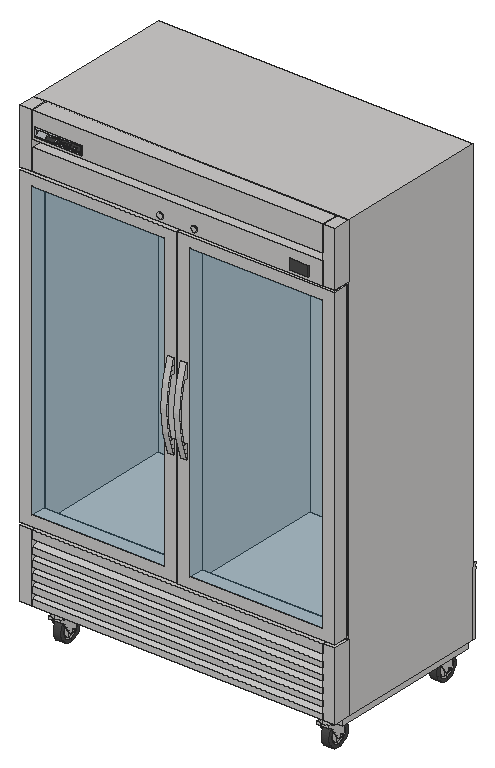
Revit family "QF_TRUE_TS-49FG-HC~FGD01", category Specialty Equipment, Revit 2015
Parameters
  Weight in Pounds = 605
  Watts = Volts * FL Amps  # 1265 W
  Volts = 115 V
  URL Cutsheet = "www.truemfg.com"
  URL = "www.truemfg.com"
  Specification by User = ""
  Specification by Manufacturer = ""
  Show Clearance [instance] = yes
  Show 6 Inches Standard Legs [instance] = no
  Show 6 Inches Seismic Flanged Legs [instance] = no
  6 Inches Seismic Flanged Legs [instance] = and(Show 6 Inches Seismic Flanged Legs, not(Show 5 Inches Castors))  # no
  Show Logo [instance] = yes
  Serial Number = ""
  Seismic Rating = ""
  SMACNA No = ""
  Revision Code = ""
  Phase = 1
  Overall Height [instance] = Body Height + Base Height  # 83 3/8"
  Number of Poles = 1
  NAFEM Spec ID Number = ""
  Model = "TS-49FG-HC~FGD01"
  Min Ckt Ampacity = 0 A
  Max Overcurrent Protection = 0 A
  Masterspec = ""
  Manufacturer = "TRUE"
  Length = 54 5/32"
  Item Number = ""
  Installed By = ""
  Identify Quantity as Lot = yes
  Height = 83 3/8"
  HP = "1/2"
  Furnished By = ""
  Foodservice Equipment Identifier = yes
  FL Amps = 11 A
  Electrical Remarks = ""
  Electric Connection Type = ""
  Elec Conn RI Height = 0"
  Elec Conn Connection Height = 0"
  Description = "REACH-IN GLASS SWING DOOR STAINLESS STEEL FREEZER WITH HYDROCARBON REFRIGERANT~FRAMED GLASS DOOR VERSION 01"
  Depth = 29 13/16"
  Cycle = 60 Hz
  Conn Plug = "NEMA-5-20P"
  Conn Conduit = yes
  CSI MasterFormat = ""
  Body Height = 78 5/16"
  Base Height [instance] = if(Show 5 Inches Castors, 5 1/16", 6")  # 5 1/16"
  Apparent Power = 0 VA
  6 Inches Standard Legs [instance] = and(Show 6 Inches Standard Legs, not(Show 5 Inches Castors))  # no
  Show 5 Inches Castors [instance] = if(Show 6 Inches Seismic Flanged Legs, Show 6 Inches Standard Legs, not(Show 6 Inches Standard Legs))  # yes
Reference planes (in)
  plane 1 "BACK": y = 0
  plane 2: z = 0
  plane 3 "LEFT": x = 0
  plane 4 "RIGHT": x = 54.15625
  plane 5 "FRONT": y = -29.8125
  plane 6 "TOP": z = 83.375
  plane 7 "Center Y": x = 27.07813
  plane 8 "Center X": y = -14.90625
  plane 9: z = 5.0625
Dimensions and locks (in)
  equal spacing: plane 3 "LEFT", plane 7 "Center Y", plane 4 "RIGHT"
  "Length": plane 3 "LEFT" to plane 4 "RIGHT"
  equal spacing: plane 5 "FRONT", plane 8 "Center X", plane 1 "BACK"
  "Depth": plane 5 "FRONT" to plane 1 "BACK"
  "Overall Height": plane 6 "TOP" to level
  plane 3 "LEFT" to plane 4 "RIGHT" = 54 5/32"
  nested 5 to plane 1 "BACK" = 1/2"
  nested 5 to nested 5 = 1 17/32"
  nested 5 to nested 5 = 31 27/32"
  "Base Height": plane 9 to level
  "Body Height": nested 5 to plane 9
  aligned and locked: level to plane 2
  aligned and locked: nested 5 to plane 9
Nested families (in)
  nested 1: "CASTER-LEGS" at (4, -2.625, 0), Show 5" Casters <- "Show 5 Inches Castors", Show 6 Inches Legs <- "6 Inches Standard Legs", Show Siesmic Flanged <- "6 Inches Seismic Flanged Legs", type "CASTER-LEGS"
    with Type Mark "", Status "", Specification by User "", Show Siesmic Flanged no, Show 6" Casters no, Show 6 Inches Legs no, Show 5" Casters yes, Show 4" Casters no, Show 2.5 Standard Legs no, Show 2.5 Casters no, Revision Code "", Low Profile no, Item Number "", Installed By "", Identify Quantity as Lot yes, Furnished By "", Foodservice Equipment Identifier yes
  nested 2: "CASTER-LEGS" at (4, -25.875, 0), Show 5" Casters <- "Show 5 Inches Castors", Show 6 Inches Legs <- "6 Inches Standard Legs", Show Siesmic Flanged <- "6 Inches Seismic Flanged Legs", type "CASTER-LEGS"
    with Type Mark "", Status "", Specification by User "", Show Siesmic Flanged no, Show 6" Casters no, Show 6 Inches Legs no, Show 5" Casters yes, Show 4" Casters no, Show 2.5 Standard Legs no, Show 2.5 Casters no, Revision Code "", Low Profile no, Item Number "", Installed By "", Identify Quantity as Lot yes, Furnished By "", Foodservice Equipment Identifier yes
  nested 3: "CASTER-LEGS" at (50.15625, -2.625, 0), Show 5" Casters <- "Show 5 Inches Castors", Show 6 Inches Legs <- "6 Inches Standard Legs", Show Siesmic Flanged <- "6 Inches Seismic Flanged Legs", type "CASTER-LEGS"
    with Type Mark "", Status "", Specification by User "", Show Siesmic Flanged no, Show 6" Casters no, Show 6 Inches Legs no, Show 5" Casters yes, Show 4" Casters no, Show 2.5 Standard Legs no, Show 2.5 Casters no, Revision Code "", Low Profile no, Item Number "", Installed By "", Identify Quantity as Lot yes, Furnished By "", Foodservice Equipment Identifier yes
  nested 4: "CASTER-LEGS" at (50.15625, -25.875, 0), Show 5" Casters <- "Show 5 Inches Castors", Show 6 Inches Legs <- "6 Inches Standard Legs", Show Siesmic Flanged <- "6 Inches Seismic Flanged Legs", type "CASTER-LEGS"
    with Type Mark "", Status "", Specification by User "", Show Siesmic Flanged no, Show 6" Casters no, Show 6 Inches Legs no, Show 5" Casters yes, Show 4" Casters no, Show 2.5 Standard Legs no, Show 2.5 Casters no, Revision Code "", Low Profile no, Item Number "", Installed By "", Identify Quantity as Lot yes, Furnished By "", Foodservice Equipment Identifier yes
  nested 5: "T-49FG-HC-FGD01" at (0, 0, 0), Show Clearance <- "Show Clearance", Show Logo <- "Show Logo", type "T-49FG-HC-FGD01"
    with Show Logo yes, Material and Finishes QF_Metal - Stainless - Polished
Connectors (in)
  electrical at (27.07812, 0.5, 12.71048), driven by "Volts", driven by "Watts"
    settings: on nested 5, index 1, voltage 115 V, apparent load 1265 VA, apparent load phase1 0 VA, apparent load phase2 0 VA, apparent load phase3 0 VA, power factor 1, load classification "Other", number of poles 1, system type 30, power factor state 1, is connector primary yes, connector utility no, sub classification motor no, connector description "ELECTRICAL CONNECTION"
Definition of nested family "CASTER-LEGS"
  Parameters (values of type "CASTER-LEGS")
    Weight = ""
    URL Manufacturer = ""
    URL Cutsheet = ""
    URL = ""
    Type Mark [instance] = ""
    Status [instance] = ""
    Specification by User [instance] = ""
    Specification by Manufacturer = ""
    Show Siesmic Flanged [instance] = yes
    Show 6 Inches Legs [instance] = yes
    Show 6" Casters [instance] = yes
    Show 5" Casters [instance] = yes
    Show 4" Casters [instance] = yes
    Show 2.5 Standard Legs [instance] = yes
    Show 2.5 Casters [instance] = yes
    Serial Number = ""
    Seismic Rating = ""
    SMACNA No = ""
    Revision Code [instance] = ""
    Omniclass Number and Title = ""
    NAFEM Spec ID Number = ""
    Model = ""
    MasterSpec. = ""
    Manufacturer = ""
    Low Profile [instance] = yes
    Item Number [instance] = ""
    Installed By [instance] = ""
    Identify Quantity as Lot [instance] = yes
    Furnished By [instance] = ""
    Foodservice Equipment Identifier [instance] = yes
    Description = ""
    CSI MasterFormat = ""
    CSI Master Format = ""
    Assembly Code = ""
  Reference planes (in)
    plane 1: z = 0
    plane 2 "RIGHT": x = 0
    plane 3 "FRONT": y = 0
    plane 4 "TOP": z = 6
    plane 5: z = 2.125
    plane 6: z = 2.5
    plane 7: z = 6.25
  Forms (in)
    Revolve 1, solid, visible <- "Show 6 Inches Legs"
      sketch origin (11.12172, 0, 0) x (-1, 0, 0) y (0, 0, -1)
        loop
          line (11.12172, -6) -> (11.12172, 0) -> (10.62172, 0) -> (10.62172, -1.30261) -> (10.37172, -1.30261) -> (10.37172, -6) -> (11.12172, -6)
        axis (11.12172, 0) -> (11.12172, -6)
      angle from 0 to 360
    Extrusion 2, solid, visible <- "Show Siesmic Flanged"
      sketch origin (0, 0, 0) x (1, 0, 0) y (0, 1, 0)
        loop
          circle (-0.00825, 0) r 1
      from 0 to 0.125
    Revolve 3, solid, visible <- "Show Siesmic Flanged"
      sketch origin (11.12172, 0, 0) x (-1, 0, 0) y (0, 0, -1)
        loop
          line (11.12172, -6) -> (11.12172, -0.125) -> (10.62172, -0.125) -> (10.62172, -1.30261) -> (10.37172, -1.30261) -> (10.37172, -6) -> (11.12172, -6)
        axis (11.12172, -0.125) -> (11.12172, -6)
      angle from 0 to 360
    Revolve 4, solid, visible <- "Show 2.5 Standard Legs"
      sketch origin (11.12172, 0, 0) x (-1, 0, 0) y (0, 0, -1)
        loop
          line (11.12172, -2.5) -> (11.12172, 0) -> (10.62172, 0) -> (10.62172, -0.75) -> (10.37172, -0.75) -> (10.37172, -2.5) -> (11.12172, -2.5)
        axis (11.12172, 0) -> (11.12172, -2.5)
      angle from 0 to 360
  Dimensions and locks (in)
    plane 4 "TOP" to level = 6"  (x2)
    locked: Revolve 1 sketch curve to Revolve 1 sketch curve at 1.30261
    locked: Revolve 1 sketch curve to Revolve 1 sketch curve at 0.75
    nested 1 to level = 5"
    plane 6 to plane 1 = 2 1/2"
    plane 5 to plane 1 = 2 1/8"
    plane 7 to plane 1 = 6 1/4"
    locked: Revolve 3 sketch curve to Revolve 3 sketch curve at 0.75
    aligned and locked: level to plane 1
  Nested families (in)
    nested 1: "PITCO_5 INCHES CASTER" at (0, 0, 0), Show Casters <- "Show 5" Casters", type "PITCO_5 INCHES CASTER"
      with Type Mark "", Status "", Specification by User "", Show Casters yes, Revision Code "", Item Number "", Installed By "", Identify Quantity as Lot yes, Furnished By "", Foodservice Equipment Identifier yes
    nested 2: "2.13" at (0, 0, 0), 2.5 Inches Caster <- "Low Profile", type "2.13"
      with Type Mark "", Status "", Specification by User "", Revision Code "", Item Number "", Installed By "", Identify Quantity as Lot yes, Furnished By "", Foodservice Equipment Identifier yes, 2.5 Inches Caster yes
    nested 3: "C4" at (0, 0, 0), Show 4 Inches Casters <- "Show 4" Casters", type "C4"
      with Type Mark "", Specification by User "", Show 4 Inches Casters yes, Revision Code "", Item Number "", Installed By "", Identify Quantity as Lot yes, Furnished By "", Foodservice Equipment Identifier yes
    nested 4: "6 Inches Leg & Caster" at (0, 0, 0), Show Casters <- "Show 6" Casters", type "6 Inches Leg & Caster"
      with Type Mark "", Status "", Specification by User "", Show Casters yes, Revision Code "", Item Number "", Installed By "", Identify Quantity as Lot yes, Furnished By "", Foodservice Equipment Identifier yes
    nested 5: "C2.5" at (0, -0.86941, 0), 2.5 Inches Caster <- "Show 2.5 Casters", type "C2.5"
      with Type Mark "", Status "", Specification by User "", Revision Code "", Item Number "", Installed By "", Identify Quantity as Lot yes, Furnished By "", Foodservice Equipment Identifier yes, 2.5 Inches Caster yes
  Definition of nested family "PITCO_5 INCHES CASTER"
    Parameters (values of type "PITCO_5 INCHES CASTER")
      Weight = ""
      URL Manufacturer = ""
      URL Cutsheet = ""
      URL = ""
      Type Mark [instance] = ""
      Status [instance] = ""
      Specification by User [instance] = ""
      Specification by Manufacturer = ""
      Show Casters [instance] = yes
      Rubber = none
      Chrome = none
      Serial Number = ""
      Seismic Rating = ""
      SMACNA No = ""
      Revision Code [instance] = ""
      Omniclass Number and Title = ""
      NAFEM Spec ID Number = ""
      Model = ""
      MasterSpec. = ""
      Manufacturer = ""
      Item Number [instance] = ""
      Installed By [instance] = ""
      Identify Quantity as Lot [instance] = yes
      Furnished By [instance] = ""
      Foodservice Equipment Identifier [instance] = yes
      Description = ""
      CSI MasterFormat = ""
      CSI Master Format = ""
      Assembly Code = ""
    Reference planes (in)
      plane 1: z = 0
      plane 2 "RIGHT": x = 0
      plane 3 "FRONT": y = 0
      plane 4 "TOP": z = 5
      plane 5: z = 5.0625
    Forms (in)
      Revolve 1, solid, visible <- "Show Casters"
        sketch origin (-180, 1.0625, -34.67466) x (0, 0, -1) y (-1, 0, 0)
          loop
            line (-34.67466, -180.64009) -> (-34.67466, -179.35991) -> (-35.17466, -179.35991) -> (-35.17466, -179.48491) -> (-35.42466, -179.48491) -> (-35.42466, -179.64009) -> (-36.48519, -179.60306) -> (-36.48519, -178.85852) -> (-36.5316, -178.85852) -> (-36.5316, -178.71719) -> (-36.70591, -178.71719) -> (-36.70591, -181.28281) -> (-36.5316, -181.28281) -> (-36.5316, -181.14148) -> (-36.48519, -181.14148) -> (-36.48519, -180.39694) -> (-35.42466, -180.35991) -> (-35.42466, -180.51509) -> (-35.17466, -180.51509) -> (-35.17466, -180.64009) -> (-34.67466, -180.64009)
          axis (-36.70591, -181.28281) -> (-36.70591, -178.71719)
        angle from 0 to 360
      Extrusion 2, solid, visible <- "Show Casters"
        sketch origin (0, 0, -1.11142) x (0, -1, 0) y (1, 0, 0)
          loop
            circle (0, 0) r 1.5
        from 5.61142 to 6.17392
      Extrusion 3, solid, visible <- "Show Casters"
        sketch origin (0, 0, 0.289) x (0, -1, 0) y (0, 0, 1)
          loop
            arc (0.91808, 3.59427) -> (1.13645, 3.7909) -> (1.42156, 3.86198) r 0.60732
            line (1.42156, 3.86198) -> (1.46208, 3.86198) -> (1.43155, 4.211) -> (-1.43155, 4.211)
            arc (-1.43155, 4.211) -> (-1.62474, 4.13098) -> (-1.70476, 3.93778) r 0.27322
            line (-1.70476, 3.93778) -> (-1.70476, 3.78861) -> (-1.76351, 2.11371) -> (-1.82446, 1.68005)
            arc (-1.82446, 1.68005) -> (-1.73191, 1.41127) -> (-1.46007, 1.32816) r 0.31307
            line (-1.46007, 1.32816) -> (-0.60834, 1.47835)
            arc (-0.60834, 1.47835) -> (-0.50841, 1.51771) -> (-0.43181, 1.59299) r 0.26936
            line (-0.43181, 1.59299) -> (0.91808, 3.59427)
        from 0.84601 to 1.05998
      Extrusion 4, solid, visible <- "Show Casters"
        sketch origin (0, 0, -0.82242) x (0, -1, 0) y (0, 0, -1)
          loop
            line (1.43155, -5.32242) -> (1.46208, -4.9734) -> (1.42156, -4.9734)
            arc (1.42156, -4.9734) -> (1.13645, -4.90232) -> (0.91808, -4.70569) r 0.60732
            line (0.91808, -4.70569) -> (-0.43181, -2.70441)
            arc (-0.43181, -2.70441) -> (-0.50841, -2.62913) -> (-0.60834, -2.58977) r 0.26936
            line (-0.60834, -2.58977) -> (-1.46007, -2.43958)
            arc (-1.46007, -2.43958) -> (-1.73191, -2.52269) -> (-1.82446, -2.79147) r 0.31307
            line (-1.82446, -2.79147) -> (-1.76351, -3.22513) -> (-1.70476, -4.90003) -> (-1.70476, -5.0492)
            arc (-1.70476, -5.0492) -> (-1.62474, -5.2424) -> (-1.43155, -5.32242) r 0.27322
            line (-1.43155, -5.32242) -> (1.43155, -5.32242)
        from 0.84601 to 1.05998
      Extrusion 5, solid, visible <- "Show Casters"
        sketch origin (-0.84601, 0, 0.289) x (0, 1, 0) y (0, 0, 1)
          loop
            line (1.43155, 4.211) -> (-1.43155, 4.211) -> (-1.46208, 3.86198) -> (-1.42156, 3.86198)
            arc (-1.42156, 3.86198) -> (-1.13645, 3.7909) -> (-0.91808, 3.59427) r 0.60732
            arc (-0.91808, 3.59427) -> (0.37927, 3.88135) -> (1.70476, 3.78861) r 4.63574
            line (1.70476, 3.78861) -> (1.70476, 3.93778)
            arc (1.70476, 3.93778) -> (1.62474, 4.13098) -> (1.43155, 4.211) r 0.27322
        from 0 to 1.69203
    Cuts and joins
      joined: Extrusion 3, Extrusion 4, Extrusion 5
    Lines and regions (in)
      symbolic lines, visible <- "Show Casters"
        curve 1: line (0.70901, 2.6399, 0) -> (1.79507, 2.01286, 0)
        curve 2: line (-1.79099, -1.69023, 0) -> (0.70901, 2.6399, 0)
        curve 3: line (-0.70493, -2.31727, 0) -> (-1.79099, -1.69023, 0)
        curve 4: line (1.79507, 2.01286, 0) -> (-0.70493, -2.31727, 0)
    Dimensions and locks (in)
      plane 4 "TOP" to level = 5"  (x2)
      plane 5 to level = 5 1/16"
      aligned and locked: level to plane 1
  Definition of nested family "2.13"
    Parameters
      Weight = ""
      URL Manufacturer = ""
      URL Cutsheet = ""
      URL = ""
      Type Mark [instance] = ""
      Status [instance] = ""
      Specification by User [instance] = ""
      Specification by Manufacturer = ""
      Serial Number = ""
      Seismic Rating = ""
      SMACNA No = ""
      Revision Code [instance] = ""
      Omniclass Number and Title = ""
      NAFEM Spec ID Number = ""
      Model = ""
      MasterSpec. = ""
      Manufacturer = ""
      Item Number [instance] = ""
      Installed By [instance] = ""
      Identify Quantity as Lot [instance] = yes
      Furnished By [instance] = ""
      Foodservice Equipment Identifier [instance] = yes
      Description = ""
      CSI MasterFormat = ""
      CSI Master Format = ""
      Assembly Code = ""
      2.5 Inches Caster [instance] = yes
    Reference planes (in)
      plane 1: z = 0
      plane 2 "RIGHT": x = 0
      plane 3 "FRONT": y = 0
      plane 4 "TOP": z = 2.125
    Forms (in)
      Revolve 1, solid, visible <- "2.5 Inches Caster"
        sketch origin (-1.93794, 0.83816, -1.0041) x (1, 0, 0) y (0, 0, 1)
          loop
            line (0.74055, 1.76972) -> (0.74055, 1.69422) -> (0.79055, 1.64422) -> (0.85055, 1.64422) -> (0.85055, 1.52415) -> (1.235, 1.52415) -> (1.235, 1.4568) -> (1.38673, 1.3692) -> (1.4003, 1.28535) -> (1.34375, 1.28535) -> (1.34375, 1.16035) -> (1.375, 1.16035) -> (1.375, 1.0041) -> (1.87544, 1.0041) -> (1.87544, 1.52415) -> (2.00044, 1.52415) -> (2.00044, 1.0041) -> (2.48438, 1.0041) -> (2.48438, 1.16035) -> (2.51563, 1.16035) -> (2.51563, 1.28535) -> (2.45908, 1.28535) -> (2.47322, 1.37272) -> (2.62438, 1.45999) -> (2.62438, 1.52415) -> (3.04007, 1.52415) -> (3.04007, 1.64422) -> (3.10007, 1.64422) -> (3.15007, 1.69422) -> (3.15007, 1.76972) -> (0.74055, 1.76972)
          axis (0.74055, 1.76972) -> (3.15007, 1.76972)
        angle from 0 to 360
      Extrusion 2, solid, visible <- "2.5 Inches Caster"
        sketch origin (-1.93794, 1.80294, -3.6291) x (0, 1, 0) y (0, 0, 1)
          loop
            line (-0.64294, 5.43229) -> (-0.64294, 5.55298) -> (-2.21294, 5.55298) -> (-2.21294, 5.30272) -> (-1.81966, 5.30272)
            arc (-1.81966, 5.30272) -> (-1.13638, 5.20789) -> (-0.46376, 5.05475) r 8.02767
            arc (-0.46376, 5.05475) -> (-0.19511, 4.95469) -> (0.05138, 4.80832) r 1.60049
            line (0.05138, 4.80832) -> (0.12713, 4.91318)
            arc (0.12713, 4.91318) -> (-0.07255, 5.06376) -> (-0.29048, 5.18644) r 1.8753
            line (-0.29048, 5.18644) -> (-0.22239, 5.30423)
            arc (-0.22239, 5.30423) -> (-0.42776, 5.38437) -> (-0.64294, 5.43229) r 1.44292
        from 1.17357 to 2.70231
      Revolve 3, solid, visible <- "2.5 Inches Caster"
        sketch origin (0, 2.10856, -4.125) x (0, 1, 0) y (0, 0, 1)
          loop
            line (-1.73858, 6.25) -> (-1.73858, 6.04889) -> (-1.05793, 6.04889) -> (-1.05793, 6.25) -> (-1.73858, 6.25)
          axis (-1.73858, 6.04889) -> (-1.73858, 6.25)
        angle from 0 to 360
      Extrusion 4, solid, visible <- "2.5 Inches Caster"
        sketch origin (-1.98481, 1.80294, -2.1291) x (0, 1, 0) y (0, 0, 1)
          loop
            line (-2.21294, 4.05298) -> (-2.21294, 3.80272) -> (-2.13999, 3.80272)
            arc (-2.13999, 3.80272) -> (-1.62379, 3.51899) -> (-1.39241, 2.97729) r 0.90292
            arc (-1.39241, 2.97729) -> (-1.36136, 2.78161) -> (-1.29729, 2.59413) r 1.15385
            arc (-1.29729, 2.59413) -> (-0.94802, 2.37355) -> (-0.6121, 2.61396) r 0.37001
            arc (-0.6121, 2.61396) -> (-0.59625, 2.66241) -> (-0.58446, 2.712) r 0.61695
            arc (-0.58446, 2.712) -> (-0.36134, 3.11665) -> (0.05609, 3.31484) r 0.75313
            line (0.05609, 3.31484) -> (0.12713, 3.41318)
            arc (0.12713, 3.41318) -> (-0.07255, 3.56376) -> (-0.29048, 3.68644) r 1.8753
            line (-0.29048, 3.68644) -> (-0.22239, 3.80423)
            arc (-0.22239, 3.80423) -> (-0.42776, 3.88437) -> (-0.64294, 3.93229) r 1.44292
            line (-0.64294, 3.93229) -> (-0.64294, 4.05298) -> (-2.21294, 4.05298)
        from 2.74918 to 2.90825
      Extrusion 5, solid, visible <- "2.5 Inches Caster"
        sketch origin (1.98481, 1.80294, -2.1291) x (0, 1, 0) y (0, 0, -1)
          loop
            line (-2.21294, -4.05298) -> (-0.64294, -4.05298) -> (-0.64294, -3.93229)
            arc (-0.64294, -3.93229) -> (-0.42776, -3.88437) -> (-0.22239, -3.80423) r 1.44292
            line (-0.22239, -3.80423) -> (-0.29048, -3.68644)
            arc (-0.29048, -3.68644) -> (-0.07255, -3.56376) -> (0.12713, -3.41318) r 1.8753
            line (0.12713, -3.41318) -> (0.05609, -3.31484)
            arc (0.05609, -3.31484) -> (-0.36134, -3.11665) -> (-0.58446, -2.712) r 0.75313
            arc (-0.58446, -2.712) -> (-0.59625, -2.66241) -> (-0.6121, -2.61396) r 0.61695
            arc (-0.6121, -2.61396) -> (-0.94802, -2.37355) -> (-1.29729, -2.59413) r 0.37001
            arc (-1.29729, -2.59413) -> (-1.36136, -2.78161) -> (-1.39241, -2.97729) r 1.15385
            arc (-1.39241, -2.97729) -> (-1.62379, -3.51899) -> (-2.13999, -3.80272) r 0.90292
            line (-2.13999, -3.80272) -> (-2.21294, -3.80272) -> (-2.21294, -4.05298)
        from 2.74918 to 2.90825
    Lines and regions (in)
      symbolic lines, visible <- "2.5 Inches Caster"
        curve 1: line (0.10651, 1.27186, 0) -> (0.80944, 0.86603, 0)
        curve 2: line (-0.89349, -0.46019, 0) -> (0.10651, 1.27186, 0)
        curve 3: line (-0.19056, -0.86603, 0) -> (-0.89349, -0.46019, 0)
        curve 4: line (0.80944, 0.86603, 0) -> (-0.19056, -0.86603, 0)
    Dimensions and locks (in)
      plane 4 "TOP" to level = 2 1/8"  (x2)
      aligned and locked: level to plane 1
  Definition of nested family "C4"
    Parameters
      Weight = ""
      URL Manufacturer = ""
      URL Cutsheet = ""
      URL = ""
      Type Mark [instance] = ""
      Specification by User [instance] = ""
      Specification by Manufacturer = ""
      Show 4 Inches Casters [instance] = yes
      Serial Number = ""
      Seismic Rating = ""
      SMACNA No = ""
      Revision Code [instance] = ""
      Omniclass Number and Title = ""
      NAFEM Spec ID Number = ""
      Model = ""
      MasterSpec. = ""
      Manufacturer = ""
      Item Number [instance] = ""
      Installed By [instance] = ""
      Identify Quantity as Lot [instance] = yes
      Furnished By [instance] = ""
      Foodservice Equipment Identifier [instance] = yes
      Description = ""
      CSI MasterFormat = ""
      CSI Master Format = ""
      Assembly Code = ""
    Reference planes (in)
      plane 1: z = 0
      plane 2 "RIGHT": x = 0
      plane 3 "FRONT": y = 0
      plane 4 "TOP": z = 4
    Forms (in)
      Revolve 1, solid, visible <- "Show 4 Inches Casters"
        sketch origin (-1.93794, 0.83816, -1.0041) x (1, 0, 0) y (0, 0, 1)
          loop
            line (0.74055, 2.5041) -> (3.15007, 2.5041) -> (3.15007, 2.5796) -> (3.10007, 2.6296) -> (3.04007, 2.6296) -> (3.04007, 2.74967) -> (2.62438, 2.74967) -> (2.62438, 2.93884) -> (2.48438, 3.01967) -> (2.45908, 3.17597) -> (2.51563, 3.17597) -> (2.51563, 3.41035) -> (2.48438, 3.41035) -> (2.48438, 4.0041) -> (1.375, 4.0041) -> (1.375, 3.41035) -> (1.34375, 3.41035) -> (1.34375, 3.17597) -> (1.4003, 3.17597) -> (1.37557, 3.02318) -> (1.235, 2.94202) -> (1.235, 2.74967) -> (0.85055, 2.74967) -> (0.85055, 2.6296) -> (0.79055, 2.6296) -> (0.74055, 2.5796) -> (0.74055, 2.5041)
          axis (0.74055, 2.5041) -> (3.15007, 2.5041)
        angle from 0 to 360
      Extrusion 2, solid, visible <- "Show 4 Inches Casters"
        sketch origin (-1.93794, 1.80294, -1.7541) x (0, 1, 0) y (0, 0, 1)
          loop
            line (-3.08794, 5.33423) -> (-3.08794, 5.00584) -> (-2.69466, 5.00584)
            arc (-2.69466, 5.00584) -> (-1.57175, 4.94895) -> (-0.46376, 4.75787) r 9.36411
            arc (-0.46376, 4.75787) -> (-0.05889, 4.58436) -> (0.28335, 4.30705) r 1.60049
            line (0.28335, 4.30705) -> (0.34449, 4.39437)
            arc (0.34449, 4.39437) -> (0.12713, 4.6163) -> (-0.1239, 4.79931) r 1.8753
            line (-0.1239, 4.79931) -> (-0.05749, 4.91421)
            arc (-0.05749, 4.91421) -> (-0.33807, 5.05694) -> (-0.64294, 5.13542) r 1.44292
            line (-0.64294, 5.13542) -> (-0.64294, 5.33423) -> (-3.08794, 5.33423)
        from 1.1267 to 2.74918
      Revolve 3, solid, visible <- "Show 4 Inches Casters"
        sketch origin (0, 2.15543, -2.25) x (0, 1, 0) y (0, 0, 1)
          loop
            line (-2.21793, 6.25) -> (-2.21793, 5.83014) -> (-1.05793, 5.83014) -> (-1.05793, 6.25) -> (-2.21793, 6.25)
          axis (-2.21793, 5.83014) -> (-2.21793, 6.25)
        angle from 0 to 360
      Extrusion 4, solid, visible <- "Show 4 Inches Casters"
        sketch origin (-1.93794, 1.80294, -1.7541) x (0, 1, 0) y (0, 0, 1)
          loop
            line (-3.08794, 5.33423) -> (-3.08794, 5.00584) -> (-2.8913, 5.00584)
            arc (-2.8913, 5.00584) -> (-2.09118, 4.14057) -> (-1.45681, 3.14736) r 6.63355
            arc (-1.45681, 3.14736) -> (-0.85703, 2.75969) -> (-0.4561, 3.35069) r 0.5107
            arc (-0.4561, 3.35069) -> (-0.27092, 3.92503) -> (0.24034, 4.24562) r 0.88136
            line (0.24034, 4.24562) -> (0.34449, 4.39437)
            arc (0.34449, 4.39437) -> (0.12713, 4.6163) -> (-0.1239, 4.79931) r 1.8753
            line (-0.1239, 4.79931) -> (-0.05749, 4.91421)
            arc (-0.05749, 4.91421) -> (-0.33807, 5.05694) -> (-0.64294, 5.13542) r 1.44292
            line (-0.64294, 5.13542) -> (-0.64294, 5.33423) -> (-3.08794, 5.33423)
        from 2.74918 to 2.90825
      Extrusion 5, solid, visible <- "Show 4 Inches Casters"
        sketch origin (1.93794, 1.80294, -1.7541) x (0, 1, 0) y (0, 0, -1)
          loop
            line (-3.08794, -5.33423) -> (-0.64294, -5.33423) -> (-0.64294, -5.13542)
            arc (-0.64294, -5.13542) -> (-0.33807, -5.05694) -> (-0.05749, -4.91421) r 1.44292
            line (-0.05749, -4.91421) -> (-0.1239, -4.79931)
            arc (-0.1239, -4.79931) -> (0.12713, -4.6163) -> (0.34449, -4.39437) r 1.8753
            line (0.34449, -4.39437) -> (0.24034, -4.24562)
            arc (0.24034, -4.24562) -> (-0.27092, -3.92503) -> (-0.4561, -3.35069) r 0.88136
            arc (-0.4561, -3.35069) -> (-0.85703, -2.75969) -> (-1.45681, -3.14736) r 0.5107
            arc (-1.45681, -3.14736) -> (-2.09118, -4.14057) -> (-2.8913, -5.00584) r 6.63355
            line (-2.8913, -5.00584) -> (-3.08794, -5.00584) -> (-3.08794, -5.33423)
        from 2.74918 to 2.90825
    Cuts and joins
      joined: Extrusion 2, Extrusion 4, Extrusion 5
    Lines and regions (in)
      symbolic lines, visible <- "Show 4 Inches Casters"
        curve 1: line (0.28481, 1.83041, 0) -> (1.24556, 1.27572, 0)
        curve 2: line (-1.26206, -0.84886, 0) -> (0.28481, 1.83041, 0)
        curve 3: line (-0.30132, -1.40355, 0) -> (-1.26206, -0.84886, 0)
        curve 4: line (1.24556, 1.27572, 0) -> (-0.30132, -1.40355, 0)
    Dimensions and locks (in)
      plane 4 "TOP" to level = 4"  (x2)
      aligned and locked: level to plane 1
  Definition of nested family "6 Inches Leg & Caster"
    Parameters
      Weight = ""
      URL Manufacturer = ""
      URL Cutsheet = ""
      URL = ""
      Type Mark [instance] = ""
      Status [instance] = ""
      Specification by User [instance] = ""
      Specification by Manufacturer = ""
      Show Casters [instance] = yes
      Serial Number = ""
      Seismic Rating = ""
      SMACNA No = ""
      Revision Code [instance] = ""
      Omniclass Number and Title = ""
      NAFEM Spec ID Number = ""
      Model = ""
      MasterSpec. = ""
      Manufacturer = ""
      Item Number [instance] = ""
      Installed By [instance] = ""
      Identify Quantity as Lot [instance] = yes
      Furnished By [instance] = ""
      Foodservice Equipment Identifier [instance] = yes
      Description = ""
      CSI MasterFormat = ""
      CSI Master Format = ""
    Reference planes (in)
      plane 1 "BACK": y = 0
      plane 2: z = 0
      plane 3 "LEFT": x = 0
      plane 4 "RIGHT": x = 0
      plane 5 "FRONT": y = 0
      plane 6 "TOP": z = 6.25
    Forms (in)
      Revolve 1, solid, visible <- "Show Casters"
        sketch origin (-2.21793, 0, -0.25) x (-1, 0, 0) y (0, 0, 1)
          loop
            line (-2.21793, 6) -> (-2.21793, 5.55584) -> (-0.93693, 5.55584) -> (-0.93693, 6) -> (-2.21793, 6)
          axis (-2.21793, 5.55584) -> (-2.21793, 6)
        angle from 0 to 360
      Extrusion 2, solid, visible <- "Show Casters"
        sketch origin (0.25594, 2.21793, -0.1875) x (0, 1, 0) y (0, 0, 1)
          loop
            line (-3.37793, 5.49334) -> (-3.37793, 5.24334) -> (-1.63015, 2.08504)
            arc (-1.63015, 2.08504) -> (-0.63555, 1.74359) -> (-0.1951, 2.69848) r 0.78437
            line (-0.1951, 2.69848) -> (-1.06726, 5.49334) -> (-3.37793, 5.49334)
        from 0.78968 to 0.90247
      Extrusion 3, solid, visible <- "Show Casters"
        sketch origin (0, 0, 5.75) x (0, 1, 0) y (-1, 0, 0)
          loop
            circle (0, 0) r 0.75
        from 0 to 0.5
      Extrusion 4, solid, visible <- "Show Casters"
        sketch origin (-0.25594, 2.21793, -0.1875) x (0, 1, 0) y (0, 0, -1)
          loop
            line (-3.37793, -5.49334) -> (-1.06726, -5.49334) -> (-0.1951, -2.69848)
            arc (-0.1951, -2.69848) -> (-0.63555, -1.74359) -> (-1.63015, -2.08504) r 0.78437
            line (-1.63015, -2.08504) -> (-3.37793, -5.24334) -> (-3.37793, -5.49334)
        from 0.78968 to 0.90247
      Extrusion 5, solid, visible <- "Show Casters"
        sketch origin (0, 0, 0.75) x (0, 1, 0) y (0, 0, 1)
          loop
            line (-1.16, 4.55584) -> (-1.16, 4.30584) -> (1.15067, 4.30584) -> (1.15067, 4.55584) -> (-1.16, 4.55584)
        from -1.04562 to 1.04562
      Revolve 6, solid, visible <- "Show Casters"
        sketch origin (-1.9375, 1.23015, -0.12802) x (1, 0, 0) y (0, 0, 1)
          loop
            line (0.5843, 2.5041) -> (0.5843, 2.3661) -> (0.6343, 2.3161) -> (0.6943, 2.3161) -> (0.6943, 2.1804) -> (1.1725, 2.1804) -> (1.1725, 1.78493) -> (1.31307, 1.70377) -> (1.42647, 1.00302) -> (1.28125, 1.00302) -> (1.28125, 0.75302) -> (1.3125, 0.75302) -> (1.3125, 0.50302)
            arc (1.3125, 0.50302) -> (1.42233, 0.23785) -> (1.6875, 0.12802) r 0.375
            line (1.6875, 0.12802) -> (2.1875, 0.12802)
            arc (2.1875, 0.12802) -> (2.45267, 0.23785) -> (2.5625, 0.50302) r 0.375
            line (2.5625, 0.50302) -> (2.5625, 0.75302) -> (2.59375, 0.75302) -> (2.59375, 1.00302) -> (2.44853, 1.00302) -> (2.5625, 1.70728) -> (2.7025, 1.78811) -> (2.7025, 2.1804) -> (3.1807, 2.1804) -> (3.1807, 2.3161) -> (3.2407, 2.3161) -> (3.2907, 2.3661) -> (3.2907, 2.5041) -> (0.5843, 2.5041)
          axis (0.5843, 2.5041) -> (3.2907, 2.5041)
        angle from 0 to 360
    Cuts and joins
      joined: Extrusion 2, Extrusion 4, Extrusion 5
    Lines and regions (in)
      symbolic lines, visible <- "Show Casters"
        curve 1: line (0.46086, 2.04455, 0) -> (1.54339, 1.41955, 0)
        curve 2: line (-1.53914, -1.41955, 0) -> (0.46086, 2.04455, 0)
        curve 3: line (-0.45661, -2.04455, 0) -> (-1.53914, -1.41955, 0)
        curve 4: line (1.54339, 1.41955, 0) -> (-0.45661, -2.04455, 0)
    Dimensions and locks (in)
      plane 6 "TOP" to level = 6 1/4"  (x2)
      aligned and locked: level to plane 2
  Definition of nested family "C2.5"
    Parameters
      Weight = ""
      URL Manufacturer = ""
      URL Cutsheet = ""
      URL = ""
      Type Mark [instance] = ""
      Status [instance] = ""
      Specification by User [instance] = ""
      Specification by Manufacturer = ""
      Serial Number = ""
      Seismic Rating = ""
      SMACNA No = ""
      Revision Code [instance] = ""
      Omniclass Number and Title = ""
      NAFEM Spec ID Number = ""
      Model = ""
      MasterSpec. = ""
      Manufacturer = ""
      Item Number [instance] = ""
      Installed By [instance] = ""
      Identify Quantity as Lot [instance] = yes
      Furnished By [instance] = ""
      Foodservice Equipment Identifier [instance] = yes
      Description = ""
      CSI MasterFormat = ""
      CSI Master Format = ""
      Assembly Code = ""
      2.5 Inches Caster [instance] = yes
    Reference planes (in)
      plane 1: z = 0
      plane 2 "RIGHT": x = 0
      plane 3 "FRONT": y = 0
      plane 4 "TOP": z = 2.5
    Forms (in)
      Revolve 1, solid, visible <- "2.5 Inches Caster"
        sketch origin (-1.93794, 0.83816, -1.0041) x (1, 0, 0) y (0, 0, 1)
          loop
            line (0.74055, 1.92597) -> (0.74055, 1.85047) -> (0.79055, 1.80047) -> (0.85055, 1.80047) -> (0.85055, 1.6804) -> (1.235, 1.6804) -> (1.235, 1.61305) -> (1.38673, 1.52545) -> (1.4003, 1.4416) -> (1.34375, 1.4416) -> (1.34375, 1.3166) -> (1.375, 1.3166) -> (1.375, 1.0041) -> (2.48438, 1.0041) -> (2.48438, 1.3166) -> (2.51563, 1.3166) -> (2.51563, 1.4416) -> (2.45908, 1.4416) -> (2.47322, 1.52897) -> (2.62438, 1.61624) -> (2.62438, 1.6804) -> (3.04007, 1.6804) -> (3.04007, 1.80047) -> (3.10007, 1.80047) -> (3.15007, 1.85047) -> (3.15007, 1.92597) -> (0.74055, 1.92597)
          axis (0.74055, 1.92597) -> (3.15007, 1.92597)
        angle from 0 to 360
      Extrusion 2, solid, visible <- "2.5 Inches Caster"
        sketch origin (-1.93794, 1.80294, -3.2541) x (0, 1, 0) y (0, 0, 1)
          loop
            line (-0.64294, 5.43229) -> (-0.64294, 5.55298) -> (-2.21294, 5.55298) -> (-2.21294, 5.30272) -> (-1.81966, 5.30272)
            arc (-1.81966, 5.30272) -> (-1.13638, 5.20789) -> (-0.46376, 5.05475) r 8.02767
            arc (-0.46376, 5.05475) -> (-0.19511, 4.95469) -> (0.05138, 4.80832) r 1.60049
            line (0.05138, 4.80832) -> (0.12713, 4.91318)
            arc (0.12713, 4.91318) -> (-0.07255, 5.06376) -> (-0.29048, 5.18644) r 1.8753
            line (-0.29048, 5.18644) -> (-0.22239, 5.30423)
            arc (-0.22239, 5.30423) -> (-0.42776, 5.38437) -> (-0.64294, 5.43229) r 1.44292
        from 1.17357 to 2.70231
      Revolve 3, solid, visible <- "2.5 Inches Caster"
        sketch origin (0, 2.10856, -3.75) x (0, 1, 0) y (0, 0, 1)
          loop
            line (-1.73858, 6.25) -> (-1.73858, 6.04889) -> (-1.05793, 6.04889) -> (-1.05793, 6.25) -> (-1.73858, 6.25)
          axis (-1.73858, 6.04889) -> (-1.73858, 6.25)
        angle from 0 to 360
      Extrusion 4, solid, visible <- "2.5 Inches Caster"
        sketch origin (-1.98481, 1.80294, -1.7541) x (0, 1, 0) y (0, 0, 1)
          loop
            line (-2.21294, 4.05298) -> (-2.21294, 3.80272) -> (-2.13999, 3.80272)
            arc (-2.13999, 3.80272) -> (-1.62379, 3.51899) -> (-1.39241, 2.97729) r 0.90292
            arc (-1.39241, 2.97729) -> (-1.36136, 2.78161) -> (-1.29729, 2.59413) r 1.15385
            arc (-1.29729, 2.59413) -> (-0.94802, 2.37355) -> (-0.6121, 2.61396) r 0.37001
            arc (-0.6121, 2.61396) -> (-0.59625, 2.66241) -> (-0.58446, 2.712) r 0.61695
            arc (-0.58446, 2.712) -> (-0.36134, 3.11665) -> (0.05609, 3.31484) r 0.75313
            line (0.05609, 3.31484) -> (0.12713, 3.41318)
            arc (0.12713, 3.41318) -> (-0.07255, 3.56376) -> (-0.29048, 3.68644) r 1.8753
            line (-0.29048, 3.68644) -> (-0.22239, 3.80423)
            arc (-0.22239, 3.80423) -> (-0.42776, 3.88437) -> (-0.64294, 3.93229) r 1.44292
            line (-0.64294, 3.93229) -> (-0.64294, 4.05298) -> (-2.21294, 4.05298)
        from 2.74918 to 2.90825
      Extrusion 5, solid, visible <- "2.5 Inches Caster"
        sketch origin (1.98481, 1.80294, -1.7541) x (0, 1, 0) y (0, 0, -1)
          loop
            line (-2.21294, -4.05298) -> (-0.64294, -4.05298) -> (-0.64294, -3.93229)
            arc (-0.64294, -3.93229) -> (-0.42776, -3.88437) -> (-0.22239, -3.80423) r 1.44292
            line (-0.22239, -3.80423) -> (-0.29048, -3.68644)
            arc (-0.29048, -3.68644) -> (-0.07255, -3.56376) -> (0.12713, -3.41318) r 1.8753
            line (0.12713, -3.41318) -> (0.05609, -3.31484)
            arc (0.05609, -3.31484) -> (-0.36134, -3.11665) -> (-0.58446, -2.712) r 0.75313
            arc (-0.58446, -2.712) -> (-0.59625, -2.66241) -> (-0.6121, -2.61396) r 0.61695
            arc (-0.6121, -2.61396) -> (-0.94802, -2.37355) -> (-1.29729, -2.59413) r 0.37001
            arc (-1.29729, -2.59413) -> (-1.36136, -2.78161) -> (-1.39241, -2.97729) r 1.15385
            arc (-1.39241, -2.97729) -> (-1.62379, -3.51899) -> (-2.13999, -3.80272) r 0.90292
            line (-2.13999, -3.80272) -> (-2.21294, -3.80272) -> (-2.21294, -4.05298)
        from 2.74918 to 2.90825
    Lines and regions (in)
      symbolic lines, visible <- "2.5 Inches Caster"
        curve 1: line (0.10651, 1.96132, 0) -> (0.80944, 1.55548, 0)
        curve 2: line (-0.89349, 0.22927, 0) -> (0.10651, 1.96132, 0)
        curve 3: line (-0.19056, -0.17657, 0) -> (-0.89349, 0.22927, 0)
        curve 4: line (0.80944, 1.55548, 0) -> (-0.19056, -0.17657, 0)
    Dimensions and locks (in)
      plane 4 "TOP" to level = 2 1/2"  (x2)
      aligned and locked: level to plane 1
Definition of nested family "T-49FG-HC-FGD01"
  Parameters (values of type "T-49FG-HC-FGD01")
    Weight in Pounds = 0
    URL Cutsheet = ""
    Specification by User = ""
    Specification by Manufacturer = ""
    Show Logo [instance] = yes
    Show Clearance [instance] = yes
    Serial Number = ""
    Seismic Rating = ""
    SMACNA No = ""
    Revision Code = ""
    NAFEM Spec ID Number = ""
    Material and Finishes [instance] = none
    Masterspec = ""
    Item Number = ""
    Installed By = ""
    Identify Quantity as Lot = yes
    Furnished By = ""
    Foodservice Equipment Identifier = yes
    CSI MasterFormat = ""
  Reference planes (in)
    plane 1 "BACK": y = 0
    plane 2: z = 0
    plane 3 "LEFT": x = 0
    plane 4 "RIGHT": x = 54.15625
    plane 5 "FRONT": y = -29.8125
    plane 6 "TOP": z = 83.375
    plane 7 "Center Y": x = 27.07813
    plane 8 "Center X": y = -14.90625
    plane 9: z = 5.0625
    plane 10: y = 0.5
    plane 11: y = -31.34375
    plane 12: z = 7.0625
    plane 13: z = 81.375
    plane 14: y = -55.25
    plane 15: y = -55.25
    plane 16: z = 7.0625
    plane 17: z = 81.375
    plane 18: y = -55.25
    plane 19: z = 18.875
    plane 20: z = 53.75
    plane 21: z = 38.75
    plane 22: z = 53.75
    plane 23: z = 38.75
    plane 24: z = 18.875
    plane 25: z = 53.75
    plane 26: z = 38.75
    plane 27: z = 53.75
    plane 28: z = 38.75
    plane 29: x = 1
    plane 30: x = 53.15625
  Forms (in)
    Extrusion 1, solid, material <- "Material and Finishes"
      sketch origin (-5.09019, 0.0625, 48) x (-1, 0, 0) y (0, 0, 1)
        loop
          line (-5.09019, 35.375) -> (-7.09019, 35.375) -> (-7.09019, -41.125) -> (-5.09019, -41.125) -> (-5.09019, 35.375)
      from -0.0625 to -26.875
    Extrusion 2, solid, material <- "Material and Finishes"
      sketch origin (2, -26.8125, 83.375) x (0, 0, -1) y (0, 1, 0)
        loop
          line (0, -3) -> (4.5, -3) -> (5.75, -0.19245) -> (5.75, -3) -> (9.5, -3) -> (9.5, 0) -> (0, 0) -> (0, -3)
        loop
          line (64.75, -3) -> (66.25, -3) -> (66.25, -0.43712) -> (67.5, -3) -> (68.5, -3) -> (68.5, -0.9497) -> (69.5, -3) -> (70.5, -3) -> (70.5, -0.9497) -> (71.5, -3) -> (72.5, -3) -> (72.5, -0.9497) -> (73.5, -3) -> (74.5, -3) -> (74.5, -0.9497) -> (75.5, -3) -> (76.5, -3) -> (76.5, 0) -> (64.75, 0) -> (64.75, -3)
      from 0 to 50.15625
    Extrusion 3, solid
      sketch origin (-5.09019, -29.8125, 48) x (1, 0, 0) y (0, 0, 1)
        loop
          line (7.09019, -27.125) -> (30.0387, -27.125) -> (30.0387, 23.625) -> (7.09019, 23.625) -> (7.09019, -27.125)
        loop
          line (34.29793, -27.125) -> (57.24644, -27.125) -> (57.24644, 23.625) -> (34.29793, 23.625) -> (34.29793, -27.125)
      from 0 to -0.125
    Extrusion 4, solid
      sketch origin (2, -29.8125, 77.625) x (0, 0, -1) y (1, 0, 0)
        loop
          circle (2.77758, 22.14431) r 0.5
        loop
          circle (2.77758, 28.01194) r 0.5
      from 0 to 0.0625
    Extrusion 5, solid, visible <- "Show Clearance", detail levels coarse
      sketch origin (0, -26.8125, 46.5) x (0, -1, 0) y (-1, 0, 0)
        loop
          arc (3, -26.94851) -> (21.16957, -18.61945) -> (28.4375, 0) r 26.64931
          line (28.4375, 0) -> (3, 0) -> (3, -26.94851)
        loop
          line (3, -27.20774) -> (3, -54.15625) -> (28.4375, -54.15625)
          arc (28.4375, -54.15625) -> (21.16957, -35.5368) -> (3, -27.20774) r 26.64931
      from 27.375 to -26.875
    Extrusion 6, solid, material <- "Material and Finishes"
      sketch origin (0, 0.0625, 82.375) x (0, 0, 1) y (0, 1, 0)
        loop
          line (-75.5, -0.0625) -> (-63.92678, -0.0625) -> (-63.92678, 0.08569) -> (-63.75, 0.26246) -> (-63.75, 0.4375) -> (-64.09324, 0.4375) -> (-64.09324, 0.3125) -> (-64.47374, 0.3125) -> (-64.47374, 0.4375) -> (-64.81856, 0.4375) -> (-64.81856, 0.3125) -> (-75.5, 0.3125) -> (-75.5, -0.0625)
      from 0 to -54.15625
    Extrusion 7, solid, material <- "Material and Finishes"
      sketch origin (2, 0.0625, 83.375) x (0, 0, -1) y (0, 1, 0)
        loop
          line (0, -0.0625) -> (0, -26.875) -> (2, -26.875) -> (2, -2.6875) -> (64.75, -2.6875) -> (64.75, -26.875) -> (76.5, -26.875) -> (76.5, -0.0625) -> (0, -0.0625)
      from 0 to 50.15625
    Extrusion 8, solid, material <- "Material and Finishes"
      sketch origin (-5.09019, -26.8125, 48) x (1, 0, 0) y (0, 0, 1)
        loop
          line (32.0387, 25.375) -> (5.09019, 25.375) -> (5.09019, -28.875) -> (32.0387, -28.875) -> (32.0387, 25.375)
        loop
          line (30.0387, 23.625) -> (7.09019, 23.625) -> (7.09019, -27.125) -> (30.0387, -27.125) -> (30.0387, 23.625)
        loop
          line (32.29793, 25.375) -> (32.29793, -28.875) -> (59.24644, -28.875) -> (59.24644, 25.375) -> (32.29793, 25.375)
        loop
          line (34.29793, 23.625) -> (34.29793, -27.125) -> (57.24644, -27.125) -> (57.24644, 23.625) -> (34.29793, 23.625)
      from 0.5 to 3
    Extrusion 9, solid, material <- "Material and Finishes"
      sketch origin (59.24644, 0.0625, 48) x (1, 0, 0) y (0, 0, -1)
        loop
          line (-5.09019, -35.375) -> (-5.09019, 41.125) -> (-7.09019, 41.125) -> (-7.09019, -35.375) -> (-5.09019, -35.375)
      from -0.0625 to -26.875
    Extrusion 10, solid
      sketch origin (-21.96875, -29.8125, 77.625) x (0, 0, -1) y (1, 0, 0)
        loop
          line (1.52381, 68.36966) -> (3.27381, 68.36966) -> (3.27381, 71.61966) -> (1.52381, 71.61966) -> (1.52381, 68.36966)
      from 0 to 0.0625
    Extrusion 11, solid, material <- "Material and Finishes"
      sketch origin (2, -26.8125, 83.375) x (0, 0, -1) y (0, 1, 0)
        loop
          line (0, -3) -> (9.5, -3) -> (9.5, 0) -> (0, 0) -> (0, -3)
        loop
          line (64.75, -3) -> (76.5, -3) -> (76.5, 0) -> (64.75, 0) -> (64.75, -3)
      from 0 to -2
    Extrusion 12, solid, material <- "Material and Finishes"
      sketch origin (52.15625, -26.8125, 83.375) x (0, 0, -1) y (0, -1, 0)
        loop
          line (0, 3) -> (0, 0) -> (9.5, 0) -> (9.5, 3) -> (0, 3)
        loop
          line (64.75, 3) -> (64.75, 0) -> (76.5, 0) -> (76.5, 3) -> (64.75, 3)
      from 0 to -2
    Extrusion 13, solid
      sketch origin (-5.09019, -26.8125, 48) x (1, 0, 0) y (0, 0, 1)
        loop
          line (5.34019, -28.74634) -> (31.7887, -28.74634) -> (31.7887, 25.24634) -> (5.34019, 25.24634) -> (5.34019, -28.74634)
        loop
          line (58.99644, -28.74634) -> (58.99644, 25.24634) -> (32.54793, 25.24634) -> (32.54793, -28.74634) -> (58.99644, -28.74634)
        loop
          line (6.84019, 23.875) -> (6.84019, -27.375) -> (30.2887, -27.375) -> (30.2887, 23.875) -> (6.84019, 23.875)
        loop
          line (57.49644, 23.875) -> (34.04793, 23.875) -> (34.04793, -27.375) -> (57.49644, -27.375) -> (57.49644, 23.875)
      from 0 to 0.5
    Extrusion 14, solid, material <- "Material and Finishes"
      sketch origin (0, -29.8125, 0) x (1, 0, 0) y (0, 0, 1)
        loop
          line (28.07812, 6.875) -> (28.07812, 81.375) -> (26.07812, 81.375) -> (26.07812, 6.875) -> (28.07812, 6.875)
      from -27.1875 to -3
    Extrusion 15, solid, material <- "Material and Finishes", not visible
      sketch origin (-5.09019, 0.0625, 48) x (-1, 0, 0) y (0, 0, 1)
        loop
          line (-5.09019, 35.375) -> (-7.09019, 35.375) -> (-7.09019, -41.125) -> (-5.09019, -41.125) -> (-5.09019, 35.375)
      from -0.0625 to -26.875
    Extrusion 16, solid, material <- "Material and Finishes", not visible
      sketch origin (2, -26.8125, 83.375) x (0, 0, -1) y (0, 1, 0)
        loop
          line (0, -3) -> (4.5, -3) -> (5.75, -0.19245) -> (5.75, -3) -> (9.5, -3) -> (9.5, 0) -> (0, 0) -> (0, -3)
        loop
          line (64.75, -3) -> (66.25, -3) -> (66.25, -0.43712) -> (67.5, -3) -> (68.5, -3) -> (68.5, -0.9497) -> (69.5, -3) -> (70.5, -3) -> (70.5, -0.9497) -> (71.5, -3) -> (72.5, -3) -> (72.5, -0.9497) -> (73.5, -3) -> (74.5, -3) -> (74.5, -0.9497) -> (75.5, -3) -> (76.5, -3) -> (76.5, 0) -> (64.75, 0) -> (64.75, -3)
      from 0 to 50.15625
    Extrusion 17, solid, not visible
      sketch origin (-5.09019, -29.8125, 48) x (1, 0, 0) y (0, 0, 1)
        loop
          line (7.09019, -27.125) -> (30.0387, -27.125) -> (30.0387, 23.625) -> (7.09019, 23.625) -> (7.09019, -27.125)
        loop
          line (34.29793, -27.125) -> (57.24644, -27.125) -> (57.24644, 23.625) -> (34.29793, 23.625) -> (34.29793, -27.125)
      from 0 to -0.125
    Extrusion 18, solid, not visible
      sketch origin (2, -29.8125, 77.625) x (0, 0, -1) y (1, 0, 0)
        loop
          circle (2.77758, 22.14431) r 0.5
        loop
          circle (2.77758, 28.01194) r 0.5
      from 0 to 0.0625
    Extrusion 19, solid, visible <- "Show Clearance", not visible, detail levels coarse
      sketch origin (0, -26.8125, 46.5) x (0, -1, 0) y (-1, 0, 0)
        loop
          arc (3, -26.94851) -> (21.16957, -18.61945) -> (28.4375, 0) r 26.64931
          line (28.4375, 0) -> (3, 0) -> (3, -26.94851)
        loop
          line (3, -27.20774) -> (3, -54.15625) -> (28.4375, -54.15625)
          arc (28.4375, -54.15625) -> (21.16957, -35.5368) -> (3, -27.20774) r 26.64931
      from 27.375 to -26.875
    Extrusion 20, solid, material <- "Material and Finishes", not visible
      sketch origin (0, 0.0625, 82.375) x (0, 0, 1) y (0, 1, 0)
        loop
          line (-75.5, -0.0625) -> (-63.92678, -0.0625) -> (-63.92678, 0.08569) -> (-63.75, 0.26246) -> (-63.75, 0.4375) -> (-64.09324, 0.4375) -> (-64.09324, 0.3125) -> (-64.47374, 0.3125) -> (-64.47374, 0.4375) -> (-64.81856, 0.4375) -> (-64.81856, 0.3125) -> (-75.5, 0.3125) -> (-75.5, -0.0625)
      from 0 to -54.15625
    Extrusion 21, solid, material <- "Material and Finishes", not visible
      sketch origin (2, 0.0625, 83.375) x (0, 0, -1) y (0, 1, 0)
        loop
          line (0, -0.0625) -> (0, -26.875) -> (2, -26.875) -> (2, -2.6875) -> (64.75, -2.6875) -> (64.75, -26.875) -> (76.5, -26.875) -> (76.5, -0.0625) -> (0, -0.0625)
      from 0 to 50.15625
    Extrusion 22, solid, material <- "Material and Finishes", not visible
      sketch origin (-5.09019, -26.8125, 48) x (1, 0, 0) y (0, 0, 1)
        loop
          line (32.0387, 25.375) -> (5.09019, 25.375) -> (5.09019, -28.875) -> (32.0387, -28.875) -> (32.0387, 25.375)
        loop
          line (30.0387, 23.625) -> (7.09019, 23.625) -> (7.09019, -27.125) -> (30.0387, -27.125) -> (30.0387, 23.625)
        loop
          line (32.29793, 25.375) -> (32.29793, -28.875) -> (59.24644, -28.875) -> (59.24644, 25.375) -> (32.29793, 25.375)
        loop
          line (34.29793, 23.625) -> (34.29793, -27.125) -> (57.24644, -27.125) -> (57.24644, 23.625) -> (34.29793, 23.625)
      from 0.5 to 3
    Extrusion 23, solid, material <- "Material and Finishes", not visible
      sketch origin (59.24644, 0.0625, 48) x (1, 0, 0) y (0, 0, -1)
        loop
          line (-5.09019, -35.375) -> (-5.09019, 41.125) -> (-7.09019, 41.125) -> (-7.09019, -35.375) -> (-5.09019, -35.375)
      from -0.0625 to -26.875
    Extrusion 24, solid, not visible
      sketch origin (-21.96875, -29.8125, 77.625) x (0, 0, -1) y (1, 0, 0)
        loop
          line (1.52381, 68.36966) -> (3.27381, 68.36966) -> (3.27381, 71.61966) -> (1.52381, 71.61966) -> (1.52381, 68.36966)
      from 0 to 0.0625
    Extrusion 25, solid, material <- "Material and Finishes", not visible
      sketch origin (2, -26.8125, 83.375) x (0, 0, -1) y (0, 1, 0)
        loop
          line (0, -3) -> (9.5, -3) -> (9.5, 0) -> (0, 0) -> (0, -3)
        loop
          line (64.75, -3) -> (76.5, -3) -> (76.5, 0) -> (64.75, 0) -> (64.75, -3)
      from 0 to -2
    Extrusion 26, solid, material <- "Material and Finishes", not visible
      sketch origin (52.15625, -26.8125, 83.375) x (0, 0, -1) y (0, -1, 0)
        loop
          line (0, 3) -> (0, 0) -> (9.5, 0) -> (9.5, 3) -> (0, 3)
        loop
          line (64.75, 3) -> (64.75, 0) -> (76.5, 0) -> (76.5, 3) -> (64.75, 3)
      from 0 to -2
    Extrusion 27, solid, not visible
      sketch origin (-5.09019, -26.8125, 48) x (1, 0, 0) y (0, 0, 1)
        loop
          line (5.34019, -28.74634) -> (31.7887, -28.74634) -> (31.7887, 25.24634) -> (5.34019, 25.24634) -> (5.34019, -28.74634)
        loop
          line (58.99644, -28.74634) -> (58.99644, 25.24634) -> (32.54793, 25.24634) -> (32.54793, -28.74634) -> (58.99644, -28.74634)
        loop
          line (6.84019, 23.875) -> (6.84019, -27.375) -> (30.2887, -27.375) -> (30.2887, 23.875) -> (6.84019, 23.875)
        loop
          line (57.49644, 23.875) -> (34.04793, 23.875) -> (34.04793, -27.375) -> (57.49644, -27.375) -> (57.49644, 23.875)
      from 0 to 0.5
    Extrusion 28, solid, material <- "Material and Finishes", not visible
      sketch origin (0, -29.8125, 0) x (1, 0, 0) y (0, 0, 1)
        loop
          line (28.07812, 6.875) -> (28.07812, 81.375) -> (26.07812, 81.375) -> (26.07812, 6.875) -> (28.07812, 6.875)
      from -27.1875 to -3
    Extrusion 29, solid
      sketch origin (0, 0.375, 19.40845) x (0, 0, -1) y (-1, 0, 0)
        loop
          circle (6.69797, -27.07812) r 0.25
      from 0 to 0.125
    Extrusion 30, solid, material <- "Material and Finishes"
      sketch origin (0, 0, -13.8125) x (0, 1, 0) y (0, 0, 1)
        loop
          arc (-29.8125, 67.5625) -> (-31.34375, 60.0625) -> (-29.8125, 52.5625) r 19.13293
          line (-29.8125, 52.5625) -> (-29.8125, 55.0625) -> (-30.42214, 55.0625)
          arc (-30.42214, 55.0625) -> (-31.09791, 60.0625) -> (-30.42214, 65.0625) r 18.83534
          line (-30.42214, 65.0625) -> (-29.8125, 65.0625) -> (-29.8125, 67.5625)
      from 25.44851 to 26.45776
    Extrusion 31, solid, material <- "Material and Finishes"
      sketch origin (54.15625, 0, -13.8125) x (0, 1, 0) y (0, 0, -1)
        loop
          line (-29.8125, -67.5625) -> (-29.8125, -65.0625) -> (-30.42214, -65.0625)
          arc (-30.42214, -65.0625) -> (-31.09791, -60.0625) -> (-30.42214, -55.0625) r 18.83534
          line (-30.42214, -55.0625) -> (-29.8125, -55.0625) -> (-29.8125, -52.5625)
          arc (-29.8125, -52.5625) -> (-31.34385, -60.0625) -> (-29.8125, -67.5625) r 19.13182
      from 25.44851 to 26.45776
    Extrusion 32, solid, material <- "Material and Finishes", not visible
      sketch origin (0, 0, -13.8125) x (0, 1, 0) y (0, 0, 1)
        loop
          arc (-29.8125, 67.5625) -> (-31.34375, 60.0625) -> (-29.8125, 52.5625) r 19.13293
          line (-29.8125, 52.5625) -> (-29.8125, 55.0625) -> (-30.42214, 55.0625)
          arc (-30.42214, 55.0625) -> (-31.09791, 60.0625) -> (-30.42214, 65.0625) r 18.83534
          line (-30.42214, 65.0625) -> (-29.8125, 65.0625) -> (-29.8125, 67.5625)
      from 25.44851 to 26.45776
    Extrusion 33, solid, material <- "Material and Finishes", not visible
      sketch origin (54.15625, 0, -13.8125) x (0, 1, 0) y (0, 0, -1)
        loop
          line (-29.8125, -67.5625) -> (-29.8125, -65.0625) -> (-30.42214, -65.0625)
          arc (-30.42214, -65.0625) -> (-31.09791, -60.0625) -> (-30.42214, -55.0625) r 18.83534
          line (-30.42214, -55.0625) -> (-29.8125, -55.0625) -> (-29.8125, -52.5625)
          arc (-29.8125, -52.5625) -> (-31.34385, -60.0625) -> (-29.8125, -67.5625) r 19.13182
      from 25.44851 to 26.45776
    Extrusion 34, solid, material <- "Material and Finishes"
      sketch origin (0, -29.8125, 0) x (1, 0, 0) y (0, 0, 1)
        loop
          line (1, 6.875) -> (1, 5.0625) -> (53.15625, 5.0625) -> (53.15625, 6.875) -> (1, 6.875)
      from -29.8125 to -3
    Extrusion 35, solid, material <- "Material and Finishes", not visible
      sketch origin (0, -29.8125, 0) x (1, 0, 0) y (0, 0, 1)
        loop
          line (1, 6.875) -> (1, 5.0625) -> (53.15625, 5.0625) -> (53.15625, 6.875) -> (1, 6.875)
      from -29.8125 to -3
    Extrusion 36, solid
      sketch origin (27.17132, -26.8125, 73.375) x (1, 0, 0) y (0, 1, 0)
        loop
          line (26.52659, -1.27764) -> (23.06149, -1.27764) -> (23.06149, -2.32875) -> (26.52659, -2.32875) -> (26.52659, -1.27764)
        loop
          circle (26.09113, -1.82353) r 0.25
        loop
          circle (24.44087, -1.81192) r 0.25
        loop
          circle (23.44087, -1.81192) r 0.25
      from 0 to 0.22057
    Extrusion 37, solid
      sketch origin (27.17132, -26.8125, 73.375) x (1, 0, 0) y (0, 1, 0)
        loop
          circle (24.44087, -1.81192) r 0.25
        loop
          circle (23.44087, -1.81192) r 0.25
      from 0 to 0.31015
    Extrusion 38, solid
      sketch origin (27.17132, -26.8125, 73.87265) x (1, 0, 0) y (0, 1, 0)
        loop
          circle (26.09249, -1.82353) r 0.25
      from 0.00235 to -0.27708
    Extrusion 39, solid
      sketch origin (27.17132, -26.8125, 73.68515) x (1, 0, 0) y (0, 1, 0)
        loop
          line (26.54743, -2.35477) -> (26.50632, 0) -> (25.58853, 0) -> (25.54743, -2.35477) -> (26.54743, -2.35477)
        loop
          circle (26.09249, -1.82353) r 0.25
      from 0 to 0.1875
    Extrusion 40, solid
      sketch origin (54.17132, -26.8125, 19.12866) x (0, 1, 0) y (1, 0, 0)
        loop
          line (0, -1.157) -> (0, -0.21392) -> (-2.06523, -0.25589)
          arc (-2.06523, -0.25589) -> (-2.48736, -0.68546) -> (-2.06523, -1.11503) r 0.42963
          line (-2.06523, -1.11503) -> (0, -1.157)
        loop
          circle (-2.05773, -0.68546) r 0.25
      from 0.00366 to 0.22057
    Extrusion 41, solid
      sketch origin (54.17132, -26.8125, 19.12866) x (0, 1, 0) y (1, 0, 0)
        loop
          circle (-2.05773, -0.68546) r 0.25
      from 0.00366 to 0.29961
    Extrusion 42, solid
      sketch origin (26.98493, -26.8125, 73.375) x (-1, 0, 0) y (0, -1, 0)
        loop
          line (26.52659, 1.27764) -> (26.52659, 2.32875) -> (23.06149, 2.32875) -> (23.06149, 1.27764) -> (26.52659, 1.27764)
        loop
          circle (26.09113, 1.82353) r 0.25
        loop
          circle (24.44087, 1.81192) r 0.25
        loop
          circle (23.44087, 1.81192) r 0.25
      from 0 to 0.22057
    Extrusion 43, solid
      sketch origin (26.98493, -26.8125, 73.375) x (-1, 0, 0) y (0, -1, 0)
        loop
          circle (24.44087, 1.81192) r 0.25
        loop
          circle (23.44087, 1.81192) r 0.25
      from 0 to 0.31015
    Extrusion 44, solid
      sketch origin (26.98493, -26.8125, 73.87265) x (-1, 0, 0) y (0, -1, 0)
        loop
          circle (26.09249, 1.82353) r 0.25
      from 0.00235 to -0.27708
    Extrusion 45, solid
      sketch origin (-0.01507, -26.8125, 19.12866) x (0, -1, 0) y (-1, 0, 0)
        loop
          line (0, -1.157) -> (2.06523, -1.11503)
          arc (2.06523, -1.11503) -> (2.48736, -0.68546) -> (2.06523, -0.25589) r 0.42963
          line (2.06523, -0.25589) -> (0, -0.21392) -> (0, -1.157)
        loop
          circle (2.05773, -0.68546) r 0.25
      from 0.00366 to 0.22057
    Extrusion 46, solid
      sketch origin (-0.01507, -26.8125, 19.12866) x (0, -1, 0) y (-1, 0, 0)
        loop
          circle (2.05773, -0.68546) r 0.25
      from 0.00366 to 0.29961
    Extrusion 47, solid, not visible
      sketch origin (27.17132, -26.8125, 73.375) x (1, 0, 0) y (0, 1, 0)
        loop
          line (26.52659, -1.27764) -> (23.06149, -1.27764) -> (23.06149, -2.32875) -> (26.52659, -2.32875) -> (26.52659, -1.27764)
        loop
          circle (26.09113, -1.82353) r 0.25
        loop
          circle (24.44087, -1.81192) r 0.25
        loop
          circle (23.44087, -1.81192) r 0.25
      from 0 to 0.22057
    Extrusion 48, solid, not visible
      sketch origin (27.17132, -26.8125, 73.375) x (1, 0, 0) y (0, 1, 0)
        loop
          circle (24.44087, -1.81192) r 0.25
        loop
          circle (23.44087, -1.81192) r 0.25
      from 0 to 0.31015
    Extrusion 49, solid, not visible
      sketch origin (27.17132, -26.8125, 73.87265) x (1, 0, 0) y (0, 1, 0)
        loop
          circle (26.09249, -1.82353) r 0.25
      from 0.00235 to -0.27708
    Extrusion 50, solid, not visible
      sketch origin (27.17132, -26.8125, 73.68515) x (1, 0, 0) y (0, 1, 0)
        loop
          line (26.54743, -2.35477) -> (26.50632, 0) -> (25.58853, 0) -> (25.54743, -2.35477) -> (26.54743, -2.35477)
        loop
          circle (26.09249, -1.82353) r 0.25
      from 0 to 0.1875
    Extrusion 51, solid, not visible
      sketch origin (54.17132, -26.8125, 19.12866) x (0, 1, 0) y (1, 0, 0)
        loop
          line (0, -1.157) -> (0, -0.21392) -> (-2.06523, -0.25589)
          arc (-2.06523, -0.25589) -> (-2.48736, -0.68546) -> (-2.06523, -1.11503) r 0.42963
          line (-2.06523, -1.11503) -> (0, -1.157)
        loop
          circle (-2.05773, -0.68546) r 0.25
      from 0.00366 to 0.22057
    Extrusion 52, solid, not visible
      sketch origin (54.17132, -26.8125, 19.12866) x (0, 1, 0) y (1, 0, 0)
        loop
          circle (-2.05773, -0.68546) r 0.25
      from 0.00366 to 0.29961
    Extrusion 53, solid, not visible
      sketch origin (26.98493, -26.8125, 73.375) x (-1, 0, 0) y (0, -1, 0)
        loop
          line (26.52659, 1.27764) -> (26.52659, 2.32875) -> (23.06149, 2.32875) -> (23.06149, 1.27764) -> (26.52659, 1.27764)
        loop
          circle (26.09113, 1.82353) r 0.25
        loop
          circle (24.44087, 1.81192) r 0.25
        loop
          circle (23.44087, 1.81192) r 0.25
      from 0 to 0.22057
